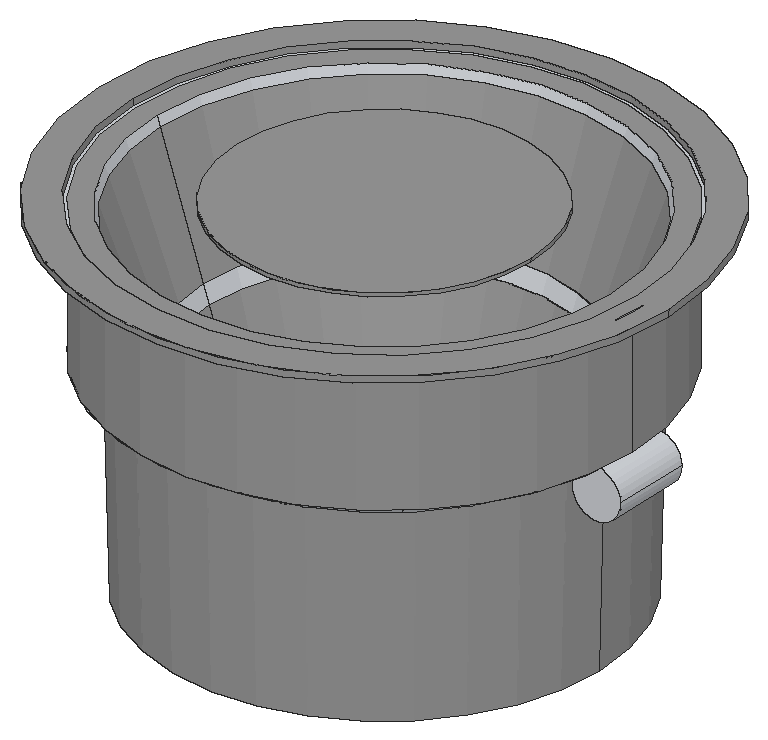
Revit family "2070141", category Lighting Fixtures, host Face, Revit 2018
Family settings
  Host = Face
  Round Connector Dimension = Use Diameter
  Part Type = Normal
  OmniClass Number = 23.80.70.00
  OmniClass Title = Lighting
  Cut with Voids When Loaded = No
  Light Source = Yes
  Shared = No
  Room Calculation Point = No
Parameters (values of type "2070141 SOLST 150 1450LM LUMI 930  DALI ")
  Weight = "n/a"
  Wattage Comments = ""
  Wattage = 9.2903 W
  WarrantyStartDate [instance] = "n/a"
  WarrantyGuarantorParts = "n/a"
  WarrantyDurationUnit = "n/a"
  WarrantyDurationParts = ""
  WarrantyDescription = "http://www.sylvania-lighting.com"
  built-in parameter 1150110 = 1 (stored number, unit not read)
  Voltage = 0 V
  URL = "0.98"
  TypeName = "Solstice 150 1450lm LUMI 930  DALI"
  Type Image = <None>
  Type Comments = "n/a"
  built-in parameter 1114217 = 1 (stored number, unit not read)
  Tilt Angle = -90.00°
  built-in parameter 1150109 = 1 (stored number, unit not read)
  built-in parameter 1150134 = 3
  built-in parameter 1150113 = 1 (stored number, unit not read)
  SerialNumber [instance] = "n/a"
  Photometric Web File = "2070141.IES"
  Material_3_SYL = none
  PowerFactor = 0
  PowerConsumption = "Lighting"
  NominalLength = 165 mm
  NominalHeight = 45 mm
  NominalDepth = 165 mm
  Name = "Solstice 150 1450lm LUMI 930  DALI"
  ModelReference = Name  # "Solstice 150 1450lm LUMI 930  DALI"
  ModelNumber = "2070141"
  Model = Name  # "Solstice 150 1450lm LUMI 930  DALI"
  Material = "Feilo Sylvania"
  ManufacturerName = "85 lm/W"
  Manufacturer = ""
  LuminousEfficacy = ""
  built-in parameter 1150105 = 109.82 (stored number, unit not read)
  Lumens = 1380 lm
  LuminaireType = "0"
  built-in parameter 1150115 = 1 (stored number, unit not read)
  LightOutputRatio = "LED"
  built-in parameter 1150137 = (empty or 0)
  built-in parameter 1150139 = (empty or 0)
  LampsType = Lamp  # "n/a"
  LampNominalLuminous = "3000 K"
  LampMacAdamStep = "97"
  LampColourTemperature = "LED"
  LampColourRenderingIndex = "16500"
  built-in parameter 1150112 = 1 (stored number, unit not read)
  built-in parameter 1150114 = 1 (stored number, unit not read)
  Lamp = "n/a"
  Keynote = "n/a"
  InstallationDate [instance] = "n/a"
  InputVoltage = "0"
  InputNominalFrequency = "3000"
  built-in parameter 1150132 = (empty or 0)
  built-in parameter 1150102 = (empty or 0)
  built-in parameter 1150107 = 3200 (stored number, unit not read)
  built-in parameter 1150138 = (empty or 0)
  IngressProtection = "IfcLightFixtureType"
  ImpactProtectionIndex = "IfcLightFixtureType"
  built-in parameter 1150106 = 1.0982 (stored number, unit not read)
  IfcExportType = "IfcLightFixtureType"
  IfcExportAs = "Class II"
  Emit from Circle Diameter = 609.6 mm
  Emit Shape Visible in Rendering = no
  ElectricShockClassification = "85"
  built-in parameter 1150104 = 13.8 (stored number, unit not read)
  DocumentationLiterature = "http://www.sylvania-lighting.com/product/en-int/products/2070141"
  DimmingControlOptions = "n/a"
  Material_2_SYL = none
  Dimming Lamp Color Temperature Shift = <None>
  Description = "The Solstice 150 1450lm LUMI 930 DALI is a high efficient DALI dimmable downlight luminaire, Colour rendering index Ra>97, Colour temperature: 3000K Warm White, Class II, Protection rating IP40/IP20, Cut out dimensions: 150mm."
  Default Elevation = 1219.2 mm
  CreatedOn = "03/08/2023"
  CreatedBy = "@sylvania-lighting.com"
  Cost = 0
  Color Filter = 16777215
  built-in parameter 1114216 [instance] = (empty or 0)
  ClassificationValue = "EF_70_80"
  ClassificationName = "Uniclass2015"
  Material_1_SYL = none
  BarCode [instance] = "n/a"
  built-in parameter 1114218 = 1 (stored number, unit not read)
  built-in parameter 1150133 = 10 (stored number, unit not read)
  AssetType = "Fixed"
  AssetIdentifier [instance] = "n/a"
  Assembly Code = "D5020200"
  Apparent Load = 17 VA
  Material_4_SYL = none
Reference planes
  plane 1 "Center (Front/Back)": y = 0
  plane 2: z = 0
  plane 3 "Center (Left/Right)": x = 0
  plane 4: x = -82.5
  plane 5: x = 82.5
  plane 6: y = 82.5
  plane 7: y = -82.5
  plane 8: y = 75
  plane 9: y = -75
  plane 10: y = 73
  plane 11: y = -73
  plane 12: x = 73
  plane 13: x = 75
  plane 14: x = 66
  plane 15: z = 3.8
  plane 16: x = -66.957
  plane 17: x = -66
  plane 18: z = -43.942
  plane 19: x = 66.001
  plane 20: x = 64.013
  plane 21: x = -64
  plane 22: z = -45.791
  plane 23: x = 69.732
Forms (mm)
  Extrusion 1, void
    sketch origin (0, 0, 0) x (1, 0, 0) y (0, 1, 0)
      loop
        circle (0, 0) r 75
    from -93.856 to 21.107
  Blend 2, solid, material "Aluminum"
    base sketch origin (0, 0, 0) x (1, 0, 0) y (0, 1, 0)
      loop
        circle (0, 0) r 82.5
    top sketch origin (0, 0, 0) x (1, 0, 0) y (0, 1, 0)
      loop
        circle (0, 0) r 82.5
    from 0 to 1.8
  Extrusion 3, void
    sketch origin (0, 0, 0) x (1, 0, 0) y (0, 1, 0)
      loop
        circle (0, 0) r 73
    from 0 to 1.8
  Blend 4, solid, material "Aluminum"
    base sketch origin (0, 0, 0) x (1, 0, 0) y (0, 1, 0)
      loop
        circle (0, 0) r 72
    top sketch origin (0, 0, 0) x (1, 0, 0) y (0, 1, 0)
      loop
        circle (0, 0) r 72
    from -38.989 to 0
  Blend 5, solid
    base sketch origin (0, 0, 0) x (1, 0, 0) y (0, 1, 0)
      loop
        circle (0, 0) r 75
    top sketch origin (0, 0, 0) x (1, 0, 0) y (0, 1, 0)
      loop
        circle (0, 0) r 72
    from 0 to -2.5
  Blend 6, solid
    base sketch origin (0, 0, 0) x (1, 0, 0) y (0, 1, 0)
      loop
        circle (0, 0) r 64
    top sketch origin (0, 0, 0) x (1, 0, 0) y (0, 1, 0)
      loop
        circle (0, 0) r 72
    from -43.942 to -38.989
  Blend 7, solid, material "Aluminum"
    base sketch origin (0, 0, 0) x (1, 0, 0) y (0, 1, 0)
      loop
        circle (0, 0) r 62.5
    top sketch origin (0, 0, 0) x (1, 0, 0) y (0, 1, 0)
      loop
        circle (0, 0) r 64
    from -98.977 to -43.942
  Blend 8, void
    base sketch origin (0, 1219.2, 38) x (1, 0, 0) y (0, 1, 0)
      loop
        circle (0, -1219.2) r 66.5
    top sketch origin (0, 1219.2, 38) x (1, 0, 0) y (0, 1, 0)
      loop
        circle (0, -1219.2) r 42.5
    from -36.2 to -106.2
  Extrusion 9, solid, material "Glass, White, High Luminance", detail levels fine
    sketch origin (0, 0, 0) x (1, 0, 0) y (0, 1, 0)
      loop
        circle (0, 0) r 42.5
    from 0 to 1
  Extrusion 10, solid
    sketch origin (0, 0, 0) x (1, 0, 0) y (0, 0, 1)
      loop
        circle (70.068, -45.791) r 7
    from -11.421 to 10.579
Cuts and joins
  Extrusion 3 cuts Blend 2
  Blend 8 cuts Blend 5
  Extrusion 3, Blend 8 cuts Blend 4
  Blend 8 cuts Blend 6
  Blend 8 cuts Blend 7
Dimensions and locks
  "NominalLength": plane 4 to plane 5
  equal spacing: plane 4, plane 3 "Center (Left/Right)", plane 5
  "NominalDepth": plane 6 to plane 7
  equal spacing: plane 6, plane 1 "Center (Front/Back)", plane 7
  aligned and locked: plane 2 to host face
  aligned and locked: level to host face
Automatic sketch dimensions
  host sketch curve to host sketch curve = 2438.4 mm  (x2)
  plane 1 "Center (Front/Back)" to Extrusion 1 sketch curve = 0 mm
  Extrusion 1 sketch curve to plane 3 "Center (Left/Right)" = 0 mm
  plane 1 "Center (Front/Back)" to Blend 2 sketch curve = 0 mm  (x2)
  Blend 2 sketch curve to plane 3 "Center (Left/Right)" = 0 mm  (x2)
  plane 1 "Center (Front/Back)" to Extrusion 3 sketch curve = 0 mm
  Extrusion 3 sketch curve to plane 3 "Center (Left/Right)" = 0 mm
  plane 1 "Center (Front/Back)" to Blend 4 sketch curve = 0 mm  (x2)
  Blend 4 sketch curve to plane 3 "Center (Left/Right)" = 0 mm  (x2)
  plane 1 "Center (Front/Back)" to Blend 5 sketch curve = 0 mm  (x2)
  Blend 5 sketch curve to plane 3 "Center (Left/Right)" = 0 mm  (x2)
  plane 1 "Center (Front/Back)" to Blend 6 sketch curve = 0 mm  (x2)
  Blend 6 sketch curve to plane 3 "Center (Left/Right)" = 0 mm  (x2)
  plane 1 "Center (Front/Back)" to Blend 7 sketch curve = 0 mm  (x2)
  Blend 7 sketch curve to plane 3 "Center (Left/Right)" = 0 mm  (x2)
  plane 1 "Center (Front/Back)" to Blend 8 sketch curve = 0 mm  (x2)
  Blend 8 sketch curve to plane 3 "Center (Left/Right)" = 0 mm  (x2)
  plane 1 "Center (Front/Back)" to Extrusion 9 sketch curve = 0 mm
  Extrusion 9 sketch curve to plane 3 "Center (Left/Right)" = 0 mm
  plane 12 to Extrusion 10 sketch curve = 2.932 mm
  Extrusion 10 sketch curve to plane 18 = 1.849 mm
  radius of Extrusion 1 sketch curve = 75 mm
  radius of Blend 2 sketch curve = 82.5 mm  (x2)
  radius of Extrusion 3 sketch curve = 73 mm
  radius of Blend 4 sketch curve = 72 mm  (x2)
  radius of Blend 5 sketch curve = 75 mm
  radius of Blend 5 sketch curve = 72 mm
  radius of Blend 6 sketch curve = 64 mm
  radius of Blend 6 sketch curve = 72 mm
  radius of Blend 7 sketch curve = 62.5 mm
  radius of Blend 7 sketch curve = 64 mm
  radius of Blend 8 sketch curve = 66.5 mm
  radius of Blend 8 sketch curve = 42.5 mm
  radius of Extrusion 9 sketch curve = 42.5 mm
  radius of Extrusion 10 sketch curve = 7 mm
Connectors
  electrical at (0, 0, 0), driven by "Apparent Load", driven by "PowerFactor", driven by "Voltage"
    settings: index 1, voltage 0 V, apparent load 17 VA, apparent load phase1 0 VA, apparent load phase2 0 VA, apparent load phase3 0 VA, power factor 0, load classification "Lighting", number of poles 1, system type 30, power factor state 1, is connector primary yes, connector utility no, sub classification motor no, connector description ""
